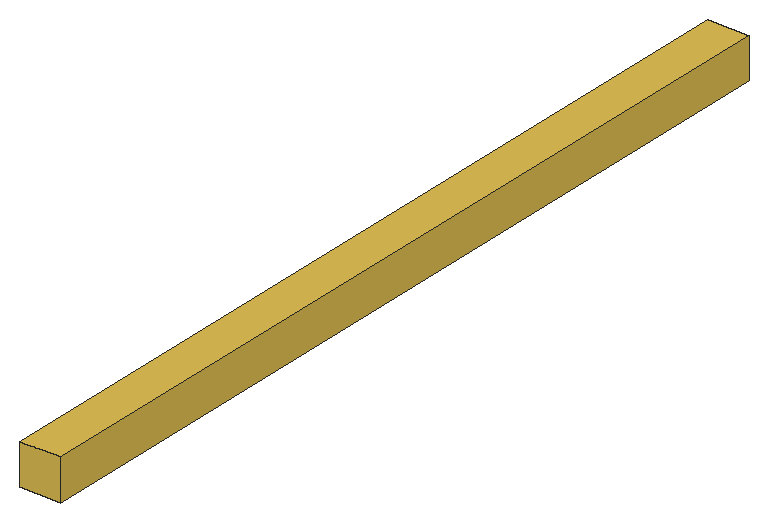
Revit family "Kontaktleiste für 1801 VDE", category Generic Models, Revit 2015
Parameters (values of type "1801 KL1")
  Width = 10 mm
  URL = "http://www.obo-bettermann.com"
  Material = Brass, Soft Yellow
  Manufacturer Art.No. = "5015723"
  Manufacturer = "OBO Bettermann"
  Length = 212 mm
  Height = 10 mm
  GTIN = "4012195378730"
  Article Type = "1801 KL1"
Types (4, lengths in mm): name | Manufacturer Art.No. | Length | GTIN | Article Type
  (no name) | "5015723" | 212 | "4012195378730" | "1801 KL1"
  1801 KL1 | "5015723" | 212 | "4012195378730" | "1801 KL1"
  1801 KL2 | "5015804" | 430 | "4012195378976" | "1801 KL2"
  1801 KL3 | "5015812" | 645 | "4012195379034" | "1801 KL3"
Reference planes
  plane 1 "Center (Front/Back)": y = 0
  plane 2: z = 0
  plane 3 "Center (Left/Right)": x = 0
  plane 4: y = 212
Forms (mm)
  Extrusion 1, solid, material "Brass, Soft Yellow" <- "Material"
    sketch origin (0, 0, 0) x (1, 0, 0) y (0, 0, 1)
      loop
        line (-5, 5) -> (-5, -5) -> (5, -5) -> (5, 5) -> (-5, 5)
    from 0 to -212
Dimensions and locks
  "Height": Extrusion 1 sketch curve to Extrusion 1 sketch curve
  equal spacing: Extrusion 1 sketch curve, level, Extrusion 1 sketch curve, locked at 5 each
  "Width": Extrusion 1 sketch curve to Extrusion 1 sketch curve
  equal spacing: Extrusion 1 sketch curve, plane 3 "Center (Left/Right)", Extrusion 1 sketch curve, locked at 5 each
  "Length": plane 4 to plane 1 "Center (Front/Back)"
  aligned and locked: level to plane 2
  aligned and locked: plane 4 to Extrusion 1
  aligned and locked: plane 1 "Center (Front/Back)" to Extrusion 1
